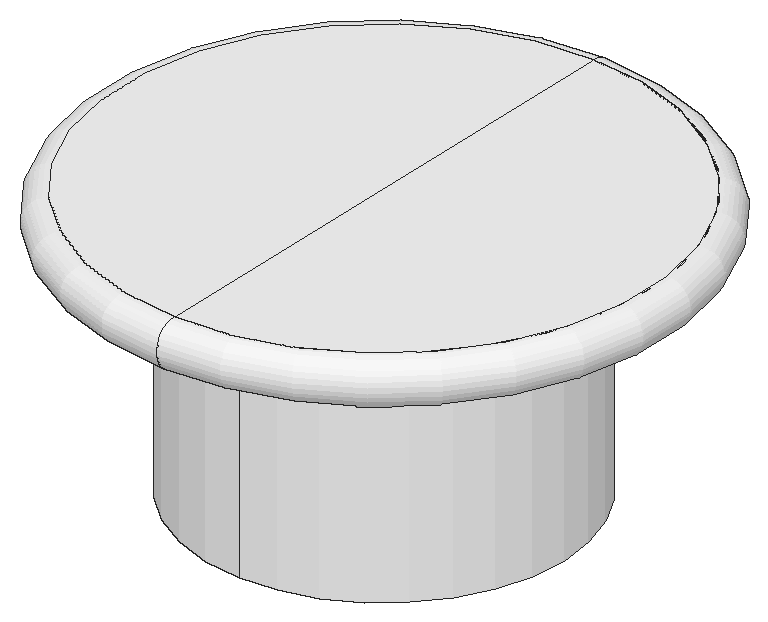
Revit family "Reece_Basin_AXA_H10_Above Counter Basin_Rectangle_600 mm", category Plumbing Fixtures, host Face, Revit 2018
Family settings
  Host = Face
  Round Connector Dimension = Use Diameter
  Part Type = Normal
  Cut with Voids When Loaded = No
  Shared = Yes
  Room Calculation Point = Yes
Parameters
  WFU = 0  # constant formula
  URL = "https://www.reece.com.au/product/-9502951"
  Type Comments = "Basin"
  Reece_Product_Web Page = "https://www.reece.com.au/product/-9502951"
  Reece_Product_Type = "Basin"  # constant formula
  Reece_Product_Sub Brand = "H10"  # constant formula
  Reece_Product_Number = "9502951"
  Reece_Product_Mount = "Above Counter Basin"
  Reece_Product_Description = "AXA H10 Rectangle Counter Basin 600 x 320mm White"  # constant formula
  Reece_Product_Brand = "AXA"  # constant formula
  Reece_Overall_Width = 600 mm  # constant formula
  Reece_Overall_Length = 320 mm  # constant formula
  Reece_Overall_Height = 100 mm  # constant formula
  Reece_Overall_Capacity = 7.00 L  # constant formula
  Reece_Material_Secondary = Reece_Brass_Chrome
  Reece_Material-Main = Reece_Ceramic_Fine Fire Clay_White
  Reece_Detail_Disclaimer = "THIS FILE IS THE PROPERTY OF THE REECE GROUP. IT MAY NOT BE REPRODUCED, REVERSE-ENGINEERED OR MODIFIED. ANY REPUBLICATION, TRANSMISSION OR DISTRIBUTION FOR THE PURPOSE OF COMMERCIALLY EXPLOITING THE FILES IS PROHIBITED."  # constant formula
  Reece_Basin_Outlet = 40 mm  # constant formula
  Model = "H10"
  Manufacturer = "AXA"
  Keynote = "Product #9502951, Reece_Basin_AXA_H10_Above Counter Basin_Rectangle_600 mm -  "
  HWFU = 0  # constant formula
  Disclaimer = "THIS FILE IS THE PROPERTY OF THE REECE GROUP. IT MAY NOT BE REPRODUCED, REVERSE-ENGINEERED OR MODIFIED. ANY REPUBLICATION, TRANSMISSION OR DISTRIBUTION FOR THE PURPOSE OF COMMERCIALLY EXPLOITING THE FILES IS PROHIBITED."  # constant formula
  Description = "AXA H10 Rectangle Counter Basin 600 x 320mm White"
  Default Elevation = 1000 mm
  CWFU = 0  # constant formula
Types (2, lengths in mm): name | Keynote
  (no name) | "Product #9502951, Reece_Basin_AXA_H10_Above Counter Basin_Rectangle_600 mm -  "
  7 L_No Taphole_Fine Fire Clay Ceramic_White | "Product #9502951, Reece_Basin_AXA_H10_Above Counter Basin_Rectangle_600 mm - 7 L_No Taphole_Fine Fire Clay Ceramic_White"
Reference planes
  plane 1 "Center (Front/Back)": y = -119.125
  plane 2 "Bottom": z = 0
  plane 3 "Center (Left/Right)": x = 0
  plane 4 "Top": z = 100
  plane 5: y = 40.875
  plane 6: x = 300
  plane 7: x = -300
  plane 8: y = -279.125
  plane 9: x = -270
  plane 10: x = 270
  plane 11: y = 10.875
  plane 12: y = -249.125
  plane 13: x = 270
Forms (mm)
  Revolve 1, solid, material "Reece_Brass_Chrome" <- "Reece_Material_Secondary"
    sketch origin (0, -80, -7.5) x (0, 1, 0) y (0, 0, 1)
      loop
        line (-19.125, 32.5) -> (-10, 32.5)
        arc (-10, 32.5) -> (-7.5, 35) -> (-10, 37.5) r 2.5
        line (-10, 37.5) -> (-39.125, 37.5) -> (-39.125, 7.5) -> (-19.125, 7.5) -> (-19.125, 32.5)
      axis (-39.125, 37.5) -> (-39.125, 7.5)
    angle from 0 to 360
  Extrusion 2, void
    sketch origin (0, 0, 0) x (1, 0, 0) y (0, 1, 0)
      loop
        circle (0, -119.125) r 50
    from 0 to -40
Lines and regions (mm)
  symbolic lines
    curve 1: arc (0, 31.375, 0) -> (-91.605, 30.256, 0) -> (-183.155, 26.898, 0) r 3748.157
    curve 2: arc (-183.155, 26.898, 0) -> (-219.86, 24.301, 0) -> (-256.418, 20.111, 0) r 846.332
    curve 3: arc (-256.418, 20.111, 0) -> (-272.016, 12.568, 0) -> (-280.19, -2.71, 0) r 28
    curve 4: arc (-280.19, -2.71, 0) -> (-287.917, -60.689, 0) -> (-290.5, -119.125, 0) r 662.383
    curve 5: arc (0, 31.375, 0) -> (91.605, 30.256, 0) -> (183.155, 26.898, 0) r 3748.157
    curve 6: arc (183.155, 26.898, 0) -> (219.86, 24.301, 0) -> (256.418, 20.111, 0) r 846.332
    curve 7: arc (256.418, 20.111, 0) -> (272.016, 12.568, 0) -> (280.19, -2.71, 0) r 28
    curve 8: arc (280.19, -2.71, 0) -> (287.917, -60.689, 0) -> (290.5, -119.125, 0) r 662.383
    curve 9: arc (0, -269.625, 0) -> (-91.605, -268.505, 0) -> (-183.155, -265.147, 0) r 3748.157
    curve 10: arc (-183.155, -265.147, 0) -> (-219.86, -262.55, 0) -> (-256.418, -258.361, 0) r 846.332
    curve 11: arc (-256.418, -258.361, 0) -> (-272.016, -250.818, 0) -> (-280.19, -235.54, 0) r 28
    curve 12: arc (-280.19, -235.54, 0) -> (-287.917, -177.56, 0) -> (-290.5, -119.125, 0) r 662.383
    curve 13: arc (0, -269.625, 0) -> (91.605, -268.505, 0) -> (183.155, -265.147, 0) r 3748.157
    curve 14: arc (183.155, -265.147, 0) -> (219.86, -262.55, 0) -> (256.418, -258.361, 0) r 846.332
    curve 15: arc (256.418, -258.361, 0) -> (272.016, -250.818, 0) -> (280.19, -235.54, 0) r 28
    curve 16: arc (280.19, -235.54, 0) -> (287.917, -177.56, 0) -> (290.5, -119.125, 0) r 662.383
Text (mm)
  text "Reece Copyright © 2018, Reece Ltd." at (-789.671, -583.01, 0), in view "Ref. Level"
  text "Reece ©" at (44.384, 258.95, 192.345), in view "Reece Preview"
Dimensions and locks
  equal spacing: plane 7, plane 3 "Center (Left/Right)", plane 6
  "Reece_Overall_Width": plane 7 to plane 6
  "Reece_Overall_Length": plane 5 to plane 8
  equal spacing: plane 5, plane 1 "Center (Front/Back)", plane 8
  "Reece_Overall_Height": plane 2 "Bottom" to plane 4 "Top"
  plane 3 "Center (Left/Right)" to plane 9 = 270 mm
  plane 3 "Center (Left/Right)" to plane 10 = 270 mm
  plane 4 "Top" to plane 2 "Bottom" = 100 mm  (x2)
  plane 8 to plane 5 = 320 mm
  plane 6 to plane 7 = 600 mm  (x2)
  plane 5 to plane 8 = 320 mm
  aligned and locked: host face to plane 2 "Bottom"
  aligned and locked: level to host face
Automatic sketch dimensions
  host sketch curve to host sketch curve = 801.051 mm
  host sketch curve to host sketch curve = 660.299 mm
  Revolve 1 sketch curve to level = 0 mm
  plane 1 "Center (Front/Back)" to Revolve 1 sketch curve = 0 mm
  Revolve 1 sketch curve to Revolve 1 sketch curve = 20 mm
  Revolve 1 sketch curve to Revolve 1 sketch curve = 9.125 mm
  Revolve 1 sketch curve to Revolve 1 sketch curve = 25 mm
  Revolve 1 sketch curve to Revolve 1 sketch curve = 2.5 mm
  Revolve 1 sketch curve to Revolve 1 sketch curve = 0 mm
  Revolve 1 sketch curve to level = 40.624 mm
  plane 4 "Top" to Revolve 1 sketch curve = 11.186 mm
  plane 1 "Center (Front/Back)" to Extrusion 2 sketch curve = 0 mm
  Extrusion 2 sketch curve to plane 3 "Center (Left/Right)" = 0 mm
  curve 1 to curve 5 = 0 mm  (x2)
  curve 4 to curve 12 = 0 mm  (x2)
  curve 8 to curve 16 = 0 mm  (x2)
  curve 9 to curve 13 = 0 mm  (x2)
  curve 16 to plane 1 "Center (Front/Back)" = 0 mm
  plane 1 "Center (Front/Back)" to curve 12 = 0 mm
  curve 13 to plane 3 "Center (Left/Right)" = 0 mm
  curve 5 to plane 3 "Center (Left/Right)" = 0 mm
  plane 9 to curve 10 = 128.201 mm
  plane 9 to curve 2 = 128.201 mm
  plane 9 to curve 3 = 17.374 mm
  plane 9 to curve 11 = 17.374 mm
  plane 7 to curve 8 = 71.883 mm
  plane 10 to curve 14 = 128.201 mm
  plane 10 to curve 6 = 128.201 mm
  plane 10 to curve 7 = 17.374 mm
  plane 10 to curve 15 = 17.374 mm
  plane 6 to curve 12 = 71.883 mm
  plane 12 to curve 15 = 18.506 mm
  plane 12 to curve 11 = 18.506 mm
  plane 8 to curve 6 = 539.298 mm
  curve 2 to curve 6 = 0 mm
  curve 1 to curve 2 = 2898.358 mm
  plane 11 to curve 7 = 18.506 mm
  plane 11 to curve 3 = 18.506 mm
  plane 5 to curve 10 = 539.298 mm
  curve 10 to curve 14 = 0 mm
  curve 10 to curve 9 = 2898.358 mm
  curve 9 to plane 8 = 13.978 mm
  curve 1 to plane 5 = 13.978 mm
  curve 10 to curve 9 = 0 mm
  curve 2 to curve 1 = 0 mm
  curve 3 to curve 2 = 0 mm
  curve 11 to curve 10 = 0 mm
  curve 4 to curve 3 = 0 mm
  curve 14 to curve 13 = 0 mm
  curve 6 to curve 5 = 0 mm
  curve 7 to curve 6 = 0 mm
  curve 15 to curve 14 = 0 mm
  curve 16 to curve 15 = 0 mm
  radius of Extrusion 2 sketch curve = 50 mm
Connectors
  piping at (0, -119.125, 0), diameter 40, driven by "Reece_Basin_Outlet"
    settings: on Revolve 1, index 1, connector inside diameter 609.6 mm, connector length 0 mm, flow factor 0, pipe flow 0.0 L/s, pressure drop 0.0 Pa, fitting loss kfactor 0, connector angle 0.00°, fixture units 0, engagement length 0 mm, angle of deflection 0.00°, flow configuration 0, flow direction 2, fitting loss method 0, system type 16, joint type 0, gender type 0, connector reference index -1, connector utility 0, adjustable connector no, is connector primary yes, connector description ""
